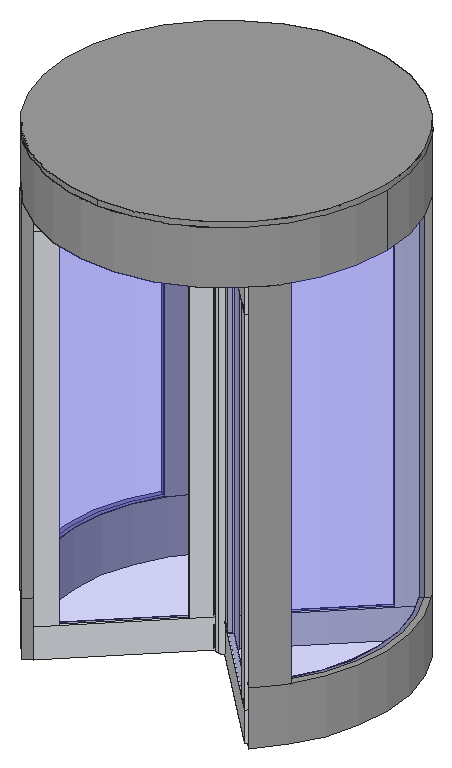
Revit family
Parameters
  WallThk = 0' - 1 7/8"
  URL = "www.dplusp.com"
  Manufacturer = "D+P JF"
  GlassMatl = Glass
  DoorMatl = Default
  CanopyMatl = Default
  WallKickPlateHeight = 0' - 11"
  RevolveDoorOuterWidth = 0' - 4"
  RevolveDoorInnerWidth = 0' - 4"
  JambAngle = 12.00°
  GlassThk = 0' - 0 3/4"
  DoorThk = 0' - 1"
  DoorKickPlate = 0' - 6"
  CenterPostRad = 0' - 2"
  CeilingThk = 0' - 1"
Reference planes (in)
  plane 1 "Front": y = 0
  plane 2: z = 0
  plane 3 "Center (Left/Right)": x = 0
  plane 4 "Left": x = -32.75106
  plane 5 "Right": x = 32.75106
  plane 6 "Top": z = 96
  plane 7: x = 30.87606
  plane 8: x = -30.87606
  plane 9: through (0, 0, 48) normal (-0.7071, 0.7071, 0)
  plane 10: through (0, 0, 48) normal (-0.7071, -0.7071, 0)
  plane 11: through (0, 0, 48) normal (0.7071, -0.7071, 0)
  plane 12: through (19.20297, -19.20297, 48) normal (0.7071, 0.7071, 0)
  plane 13 "MidPlane": z = 32.78185
  plane 14: z = 84
  plane 15: z = 11
  plane 16: z = 95
  plane 17: x = -31.62606
  plane 18: x = 31.62606
  plane 19: x = -2
  plane 20: x = 2
  plane 21: z = 6
  plane 22: z = 78
  plane 23: x = -6
  plane 24: x = 6
  plane 25: x = -26.87606
  plane 26: x = 26.87606
  plane 27: through (9.12043, 8.5901, 48) normal (-0.7071, 0.7071, 0)
  plane 28: through (8.5901, 9.12043, 48) normal (-0.7071, 0.7071, 0)
  plane 29: through (-18.60384, 18.07351, 48) normal (0.7071, 0.7071, 0)
  plane 30: through (-18.07351, 18.60384, 48) normal (0.7071, 0.7071, 0)
Forms (in)
  Extrusion 1, solid, material "Default" <- "DoorMatl"
    sketch origin (0, 0, 0) x (1, 0, 0) y (0, 1, 0)
      loop
        arc (-23.1585, 23.1585) -> (-32.75106, 0) -> (-23.1585, -23.1585) r 32.75106
        line (-23.1585, -23.1585) -> (-21.83267, -21.83267)
        arc (-21.83267, -21.83267) -> (-30.87606, 0) -> (-21.83267, 21.83267) r 30.87606
        line (-21.83267, 21.83267) -> (-23.1585, 23.1585)
    from 0 to 11
  Extrusion 2, solid, material "Default" <- "DoorMatl"
    sketch origin (0, 0, 0) x (1, 0, 0) y (0, 1, 0)
      loop
        line (23.1585, 23.1585) -> (21.83267, 21.83267)
        arc (21.83267, 21.83267) -> (30.87606, 0) -> (21.83267, -21.83267) r 30.87606
        line (21.83267, -21.83267) -> (23.1585, -23.1585)
        arc (23.1585, -23.1585) -> (32.75106, 0) -> (23.1585, 23.1585) r 32.75106
    from 0 to 11
  Extrusion 3, solid, material "Default" <- "DoorMatl"
    sketch origin (0, 0, 32.78185) x (0, 1, 0) y (-1, 0, 0)
      loop
        arc (23.1585, 23.1585) -> (20.61091, 25.45235) -> (17.83751, 27.46735) r 32.75106
        line (17.83751, 27.46735) -> (16.81631, 25.89484)
        arc (16.81631, 25.89484) -> (19.43093, 23.9952) -> (21.83267, 21.83267) r 30.87606
        line (21.83267, 21.83267) -> (23.1585, 23.1585)
    from -21.78185 to 51.21815
  Extrusion 4, solid, material "Default" <- "DoorMatl"
    sketch origin (0, 0, 32.78185) x (0, 1, 0) y (-1, 0, 0)
      loop
        arc (-17.83751, 27.46735) -> (-20.61091, 25.45235) -> (-23.1585, 23.1585) r 32.75106
        line (-23.1585, 23.1585) -> (-21.83267, 21.83267)
        arc (-21.83267, 21.83267) -> (-19.43093, 23.9952) -> (-16.81631, 25.89484) r 30.87606
        line (-16.81631, 25.89484) -> (-17.83751, 27.46735)
    from -21.78185 to 51.21815
  Extrusion 5, solid, material "Default" <- "DoorMatl"
    sketch origin (0, 0, 32.78185) x (0, 1, 0) y (-1, 0, 0)
      loop
        arc (17.83751, -27.46735) -> (20.61091, -25.45235) -> (23.1585, -23.1585) r 32.75106
        line (23.1585, -23.1585) -> (21.83267, -21.83267)
        arc (21.83267, -21.83267) -> (19.43093, -23.9952) -> (16.81631, -25.89484) r 30.87606
        line (16.81631, -25.89484) -> (17.83751, -27.46735)
    from -21.78185 to 51.21815
  Extrusion 6, solid, material "Default" <- "DoorMatl"
    sketch origin (0, 0, 32.78185) x (0, 1, 0) y (-1, 0, 0)
      loop
        arc (-16.81631, -25.89484) -> (-19.43093, -23.9952) -> (-21.83267, -21.83267) r 30.87606
        line (-21.83267, -21.83267) -> (-23.1585, -23.1585)
        arc (-23.1585, -23.1585) -> (-20.61091, -25.45235) -> (-17.83751, -27.46735) r 32.75106
        line (-17.83751, -27.46735) -> (-16.81631, -25.89484)
    from -21.78185 to 51.21815
  Extrusion 7, solid, material "Glass" <- "GlassMatl"
    sketch origin (0, 0, 32.78185) x (0, 1, 0) y (-1, 0, 0)
      loop
        arc (17.22479, 26.52384) -> (0, 31.62606) -> (-17.22479, 26.52384) r 31.62606
        line (-17.22479, 26.52384) -> (-16.81631, 25.89484)
        arc (-16.81631, 25.89484) -> (0, 30.87606) -> (16.81631, 25.89484) r 30.87606
        line (16.81631, 25.89484) -> (17.22479, 26.52384)
    from -21.78185 to 51.21815
  Extrusion 8, solid, material "Glass" <- "GlassMatl"
    sketch origin (0, 0, 32.78185) x (0, 1, 0) y (-1, 0, 0)
      loop
        line (17.22479, -26.52384) -> (16.81631, -25.89484)
        arc (16.81631, -25.89484) -> (0, -30.87606) -> (-16.81631, -25.89484) r 30.87606
        line (-16.81631, -25.89484) -> (-17.22479, -26.52384)
        arc (-17.22479, -26.52384) -> (0, -31.62606) -> (17.22479, -26.52384) r 31.62606
    from -21.78185 to 51.21815
  Extrusion 9, solid, material "Default" <- "CanopyMatl"
    sketch origin (0, 0, 32.78185) x (0, 1, 0) y (-1, 0, 0)
      loop
        circle (0, 0) r 32.75106
    from 62.21815 to 63.21815
  Extrusion 10, solid, material "Default" <- "CanopyMatl"
    sketch origin (0, 0, 32.78185) x (0, 1, 0) y (-1, 0, 0)
      loop
        line (0, -30.87606) -> (0, -32.75106)
        arc (0, -32.75106) -> (32.75106, 0) -> (0, 32.75106) r 32.75106
        line (0, 32.75106) -> (0, 30.87606)
        arc (0, 30.87606) -> (30.87606, 0) -> (0, -30.87606) r 30.87606
    from 51.21815 to 62.21815
  Extrusion 11, solid, material "Default" <- "CanopyMatl"
    sketch origin (0, 0, 32.78185) x (0, 1, 0) y (-1, 0, 0)
      loop
        arc (0, 32.75106) -> (-32.75106, 0) -> (0, -32.75106) r 32.75106
        line (0, -32.75106) -> (0, -30.87606)
        arc (0, -30.87606) -> (-30.87606, 0) -> (0, 30.87606) r 30.87606
        line (0, 30.87606) -> (0, 32.75106)
    from 51.21815 to 62.21815
  Extrusion 12, solid
    sketch origin (0, 0, 32.78185) x (0, 1, 0) y (-1, 0, 0)
      loop
        circle (0, 0) r 2
    from -32.78185 to 62.21815
  Extrusion 13, solid
    sketch origin (0, 0, 32.78185) x (0, 1, 0) y (-1, 0, 0)
      loop
        line (-1.01575, 1.72286) -> (-21.47625, 22.18336)
        arc (-21.47625, 22.18336) -> (-21.83267, 21.83267) -> (-22.18336, 21.47625) r 30.87606
        line (-22.18336, 21.47625) -> (-1.72286, 1.01575)
        arc (-1.72286, 1.01575) -> (-1.41421, 1.41421) -> (-1.01575, 1.72286) r 2
    from -32.78185 to -26.78185
  Extrusion 14, solid
    sketch origin (0, 0, 32.78185) x (0, 1, 0) y (-1, 0, 0)
      loop
        arc (21.47625, -22.18336) -> (21.83267, -21.83267) -> (22.18336, -21.47625) r 30.87606
        line (22.18336, -21.47625) -> (1.72286, -1.01575)
        arc (1.72286, -1.01575) -> (1.41421, -1.41421) -> (1.01575, -1.72286) r 2
        line (1.01575, -1.72286) -> (21.47625, -22.18336)
    from -32.78185 to -26.78185
  Extrusion 15, solid
    sketch origin (0, 0, 32.78185) x (0, 1, 0) y (-1, 0, 0)
      loop
        arc (22.18336, 21.47625) -> (21.83267, 21.83267) -> (21.47625, 22.18336) r 30.87606
        line (21.47625, 22.18336) -> (1.01575, 1.72286)
        arc (1.01575, 1.72286) -> (1.41421, 1.41421) -> (1.72286, 1.01575) r 2
        line (1.72286, 1.01575) -> (22.18336, 21.47625)
    from -32.78185 to -26.78185
  Extrusion 16, solid
    sketch origin (0, 0, 32.78185) x (0, 1, 0) y (-1, 0, 0)
      loop
        line (-1.72286, -1.01575) -> (-22.18336, -21.47625)
        arc (-22.18336, -21.47625) -> (-21.83267, -21.83267) -> (-21.47625, -22.18336) r 30.87606
        line (-21.47625, -22.18336) -> (-1.01575, -1.72286)
        arc (-1.01575, -1.72286) -> (-1.41421, -1.41421) -> (-1.72286, -1.01575) r 2
    from -32.78185 to -26.78185
  Extrusion 17, solid
    sketch origin (0, 0, 32.78185) x (0, 1, 0) y (-1, 0, 0)
      loop
        line (1.72286, 1.01575) -> (22.18336, 21.47625)
        arc (22.18336, 21.47625) -> (21.83267, 21.83267) -> (21.47625, 22.18336) r 30.87606
        line (21.47625, 22.18336) -> (1.01575, 1.72286)
        arc (1.01575, 1.72286) -> (1.41421, 1.41421) -> (1.72286, 1.01575) r 2
    from 45.21815 to 62.21815
  Extrusion 18, solid
    sketch origin (0, 0, 32.78185) x (0, 1, 0) y (-1, 0, 0)
      loop
        line (-22.18336, 21.47625) -> (-1.93185, 1.22474)
        arc (-1.93185, 1.22474) -> (-1.61741, 1.61741) -> (-1.22474, 1.93185) r 2.28737
        line (-1.22474, 1.93185) -> (-21.47625, 22.18336)
        arc (-21.47625, 22.18336) -> (-21.83267, 21.83267) -> (-22.18336, 21.47625) r 30.87606
    from 45.21815 to 62.21815
  Extrusion 19, solid
    sketch origin (0, 0, 32.78185) x (0, 1, 0) y (-1, 0, 0)
      loop
        line (22.18336, -21.47625) -> (1.72286, -1.01575)
        arc (1.72286, -1.01575) -> (1.41421, -1.41421) -> (1.01575, -1.72286) r 2
        line (1.01575, -1.72286) -> (21.47625, -22.18336)
        arc (21.47625, -22.18336) -> (21.83267, -21.83267) -> (22.18336, -21.47625) r 30.87606
    from 45.21815 to 62.21815
  Extrusion 20, solid
    sketch origin (0, 0, 32.78185) x (0, 1, 0) y (-1, 0, 0)
      loop
        line (-1.72286, -1.01575) -> (-22.18336, -21.47625)
        arc (-22.18336, -21.47625) -> (-21.83267, -21.83267) -> (-21.47625, -22.18336) r 30.87606
        line (-21.47625, -22.18336) -> (-1.01575, -1.72286)
        arc (-1.01575, -1.72286) -> (-1.41421, -1.41421) -> (-1.72286, -1.01575) r 2
    from 45.21815 to 62.21815
  Extrusion 21, solid
    sketch origin (0, 0, 32.78185) x (0, 1, 0) y (-1, 0, 0)
      loop
        line (4.58144, -3.87433) -> (1.72286, -1.01575)
        arc (1.72286, -1.01575) -> (1.41421, -1.41421) -> (1.01575, -1.72286) r 2
        line (1.01575, -1.72286) -> (3.87433, -4.58144)
        arc (3.87433, -4.58144) -> (4.24264, -4.24264) -> (4.58144, -3.87433) r 6
    from -26.78185 to 45.21815
  Extrusion 22, solid
    sketch origin (0, 0, 32.78185) x (0, 1, 0) y (-1, 0, 0)
      loop
        line (3.87433, 4.58144) -> (1.01575, 1.72286)
        arc (1.01575, 1.72286) -> (1.41421, 1.41421) -> (1.72286, 1.01575) r 2
        line (1.72286, 1.01575) -> (4.58144, 3.87433)
        arc (4.58144, 3.87433) -> (4.24264, 4.24264) -> (3.87433, 4.58144) r 6
    from -26.78185 to 45.21815
  Extrusion 23, solid
    sketch origin (0, 0, 32.78185) x (0, 1, 0) y (-1, 0, 0)
      loop
        line (-4.58144, 3.87433) -> (-1.72286, 1.01575)
        arc (-1.72286, 1.01575) -> (-1.41421, 1.41421) -> (-1.01575, 1.72286) r 2
        line (-1.01575, 1.72286) -> (-3.87433, 4.58144)
        arc (-3.87433, 4.58144) -> (-4.24264, 4.24264) -> (-4.58144, 3.87433) r 6
    from -26.78185 to 45.21815
  Extrusion 24, solid
    sketch origin (0, 0, 32.78185) x (0, 1, 0) y (-1, 0, 0)
      loop
        line (-1.72286, -1.01575) -> (-4.58144, -3.87433)
        arc (-4.58144, -3.87433) -> (-4.24264, -4.24264) -> (-3.87433, -4.58144) r 6
        line (-3.87433, -4.58144) -> (-1.01575, -1.72286)
        arc (-1.01575, -1.72286) -> (-1.41421, -1.41421) -> (-1.72286, -1.01575) r 2
    from -26.78185 to 45.21815
  Extrusion 25, solid
    sketch origin (0, 0, 32.78185) x (0, 1, 0) y (-1, 0, 0)
      loop
        line (19.35451, 18.6474) -> (22.18336, 21.47625)
        arc (22.18336, 21.47625) -> (21.83267, 21.83267) -> (21.47625, 22.18336) r 30.87606
        line (21.47625, 22.18336) -> (18.6474, 19.35451)
        arc (18.6474, 19.35451) -> (19.00424, 19.00424) -> (19.35451, 18.6474) r 26.87606
    from -26.78185 to 45.21815
  Extrusion 26, solid
    sketch origin (0, 0, 32.78185) x (0, 1, 0) y (-1, 0, 0)
      loop
        line (-18.6474, 19.35451) -> (-21.47625, 22.18336)
        arc (-21.47625, 22.18336) -> (-21.83267, 21.83267) -> (-22.18336, 21.47625) r 30.87606
        line (-22.18336, 21.47625) -> (-19.35451, 18.6474)
        arc (-19.35451, 18.6474) -> (-19.00424, 19.00424) -> (-18.6474, 19.35451) r 26.87606
    from -26.78185 to 45.21815
  Extrusion 27, solid
    sketch origin (0, 0, 32.78185) x (0, 1, 0) y (-1, 0, 0)
      loop
        line (-19.35451, -18.6474) -> (-22.18336, -21.47625)
        arc (-22.18336, -21.47625) -> (-21.83267, -21.83267) -> (-21.47625, -22.18336) r 30.87606
        line (-21.47625, -22.18336) -> (-18.6474, -19.35451)
        arc (-18.6474, -19.35451) -> (-19.00424, -19.00424) -> (-19.35451, -18.6474) r 26.87606
    from -26.78185 to 45.21815
  Extrusion 28, solid
    sketch origin (0, 0, 32.78185) x (0, 1, 0) y (-1, 0, 0)
      loop
        line (18.6474, -19.35451) -> (21.47625, -22.18336)
        arc (21.47625, -22.18336) -> (21.83267, -21.83267) -> (22.18336, -21.47625) r 30.87606
        line (22.18336, -21.47625) -> (19.35451, -18.6474)
        arc (19.35451, -18.6474) -> (19.00424, -19.00424) -> (18.6474, -19.35451) r 26.87606
    from -26.78185 to 45.21815
  Extrusion 29, solid, material "Glass" <- "GlassMatl"
    sketch origin (0, 0, 32.78185) x (0, 1, 0) y (-1, 0, 0)
      loop
        line (19.26756, -18.73723) -> (4.49951, -3.96918)
        arc (4.49951, -3.96918) -> (4.24264, -4.24264) -> (3.96918, -4.49951) r 6
        line (3.96918, -4.49951) -> (18.73723, -19.26756)
        arc (18.73723, -19.26756) -> (19.00424, -19.00424) -> (19.26756, -18.73723) r 26.87606
    from -26.78185 to 45.21815
  Extrusion 30, solid, material "Glass" <- "GlassMatl"
    sketch origin (0, 0, 32.78185) x (0, 1, 0) y (-1, 0, 0)
      loop
        line (4.49951, 3.96918) -> (19.26756, 18.73723)
        arc (19.26756, 18.73723) -> (19.00424, 19.00424) -> (18.73723, 19.26756) r 26.87606
        line (18.73723, 19.26756) -> (3.96918, 4.49951)
        arc (3.96918, 4.49951) -> (4.24264, 4.24264) -> (4.49951, 3.96918) r 6
    from -26.78185 to 45.21815
  Extrusion 31, solid, material "Glass" <- "GlassMatl"
    sketch origin (0, 0, 32.78185) x (0, 1, 0) y (-1, 0, 0)
      loop
        line (-19.26756, 18.73723) -> (-4.49951, 3.96918)
        arc (-4.49951, 3.96918) -> (-4.24264, 4.24264) -> (-3.96918, 4.49951) r 6
        line (-3.96918, 4.49951) -> (-18.73723, 19.26756)
        arc (-18.73723, 19.26756) -> (-19.00424, 19.00424) -> (-19.26756, 18.73723) r 26.87606
    from -26.78185 to 45.21815
  Extrusion 32, solid, material "Glass" <- "GlassMatl"
    sketch origin (0, 0, 32.78185) x (0, 1, 0) y (-1, 0, 0)
      loop
        line (-18.73723, -19.26756) -> (-3.96918, -4.49951)
        arc (-3.96918, -4.49951) -> (-4.24264, -4.24264) -> (-4.49951, -3.96918) r 6
        line (-4.49951, -3.96918) -> (-19.26756, -18.73723)
        arc (-19.26756, -18.73723) -> (-19.00424, -19.00424) -> (-18.73723, -19.26756) r 26.87606
    from -26.78185 to 45.21815
Lines and regions (in)
  reference lines
    curve 1: arc (-32.75106, 0, 0) -> (-30.25803, -12.53329, 0) -> (-23.1585, -23.1585, 0) r 32.75106
    curve 2: arc (-32.75106, 0, 0) -> (-30.25803, 12.53329, 0) -> (-23.1585, 23.1585, 0) r 32.75106
    curve 3: arc (-30.87606, 0, 0) -> (-28.52576, -11.81576, 0) -> (-21.83267, -21.83267, 0) r 30.87606
    curve 4: arc (-30.87606, 0, 0) -> (-28.52576, 11.81576, 0) -> (-21.83267, 21.83267, 0) r 30.87606
    curve 5: arc (32.75106, 0, 0) -> (30.25803, 12.53329, 0) -> (23.1585, 23.1585, 0) r 32.75106
    curve 6: arc (32.75106, 0, 0) -> (30.25803, -12.53329, 0) -> (23.1585, -23.1585, 0) r 32.75106
    curve 7: arc (30.87606, 0, 0) -> (28.52576, 11.81576, 0) -> (21.83267, 21.83267, 0) r 30.87606
    curve 8: arc (30.87606, 0, 0) -> (28.52576, -11.81576, 0) -> (21.83267, -21.83267, 0) r 30.87606
    curve 9: line (0, 0, 0) -> (-38.57885, 25.0534, 0)
    curve 10: line (0, 0, 0) -> (-36.9015, -23.96412, 0)
    curve 11: line (0, 0, 0) -> (38.57885, 25.0534, 0)
    curve 12: line (0, 0, 0) -> (48.64289, -31.58906, 0)
    curve 13: arc (-31.62606, 0, 32.78185) -> (0, 31.62606, 32.78185) -> (31.62606, 0, 32.78185) r 31.62606
    curve 14: arc (-31.62606, 0, 32.78185) -> (0, -31.62606, 32.78185) -> (31.62606, 0, 32.78185) r 31.62606
    curve 15: arc (2, 0, 32.78185) -> (0, 2, 32.78185) -> (-2, 0, 32.78185) r 2
    curve 16: arc (-2, 0, 32.78185) -> (0, -2, 32.78185) -> (2, 0, 32.78185) r 2
    curve 17: line (-22.18336, -21.47625, 32.78185) -> (21.47625, 22.18336, 32.78185)
    curve 18: line (-21.47625, -22.18336, 32.78185) -> (22.18336, 21.47625, 32.78185)
    curve 19: line (22.18336, 21.47625, 32.78185) -> (21.47625, 22.18336, 32.78185)
    curve 20: arc (-30.87606, 0, 32.78185) -> (0, -30.87606, 32.78185) -> (30.87606, 0, 32.78185) r 30.87606
    curve 21: arc (30.87606, 0, 32.78185) -> (0, 30.87606, 32.78185) -> (-30.87606, 0, 32.78185) r 30.87606
    curve 22: line (-25.01715, 24.31005, 32.78185) -> (32.75106, -33.45817, 32.78185)
    curve 23: line (-23.09286, 23.79996, 32.78185) -> (27.94015, -27.23305, 32.78185)
    curve 24: arc (-6, 0, 32.78185) -> (0, 6, 32.78185) -> (6, 0, 32.78185) r 6
    curve 25: arc (-6, 0, 32.78185) -> (0, -6, 32.78185) -> (6, 0, 32.78185) r 6
    curve 26: arc (-26.87606, 0, 32.78185) -> (0, 26.87606, 32.78185) -> (26.87606, 0, 32.78185) r 26.87606
    curve 27: arc (-26.87606, 0, 32.78185) -> (0, -26.87606, 32.78185) -> (26.87606, 0, 32.78185) r 26.87606
Text (in)
  text "Exterior" at (-54.29358, 31.38743, 0), in view "Ref. Level"
  text "Exterior" at (480, 41.53993, 89.60405), in view "Right"
  text "Exterior" at (-240, 57.82419, 105.78864), in view "Left"
Dimensions and locks (in)
  equal spacing: plane 4 "Left", plane 3 "Center (Left/Right)", plane 5 "Right"
  "WallThk": plane 4 "Left" to plane 8
  "WallThk": plane 7 to plane 5 "Right"
  "WallKickPlateHeight": level to plane 15
  "CeilingThk": plane 16 to plane 6 "Top"
  "WallKickPlateHeight": plane 14 to plane 16
  "GlassThk": plane 17 to plane 8
  "GlassThk": plane 7 to plane 18
  "CenterPostRad": plane 19 to plane 3 "Center (Left/Right)"
  "CenterPostRad": plane 3 "Center (Left/Right)" to plane 20
  equal spacing: curve 18, plane 9, curve 17
  "DoorThk": curve 18 to curve 17
  equal spacing: curve 22, plane 12, curve 23
  "DoorThk": curve 22 to curve 23
  "DoorKickPlate": level to plane 21
  "DoorKickPlate": plane 22 to plane 14
  "RevolveDoorInnerWidth": plane 23 to plane 19
  "RevolveDoorInnerWidth": plane 20 to plane 24
  "RevolveDoorOuterWidth": plane 8 to plane 25
  "RevolveDoorOuterWidth": plane 26 to plane 7
  equal spacing: plane 28, plane 9, plane 27
  "GlassThk": plane 28 to plane 27
  equal spacing: plane 30, plane 10, plane 29
  "GlassThk": plane 30 to plane 29
  locked: plane 10 to plane 1 "Front" (angle 45.00°)
  locked: plane 1 "Front" to plane 9 (angle 45.00°)
  locked: plane 12 to plane 1 "Front" (angle 45.00°)
  locked: plane 1 "Front" to plane 11 (angle 45.00°)
  "JambAngle": angle plane 10 to curve 9
  "JambAngle": angle curve 10 to plane 11
  "JambAngle": angle plane 12 to curve 12
  "JambAngle": angle curve 11 to plane 9
  aligned and locked: plane 1 "Front" to curve 1
  aligned and locked: plane 11 to curve 1
  aligned and locked: plane 10 to curve 2
  aligned and locked: plane 8 to curve 3
  aligned and locked: Extrusion 1 sketch curve to plane 10
  aligned and locked: Extrusion 1 sketch curve to plane 11
  aligned and locked: Extrusion 1 sketch curve to curve 3
  aligned and locked: Extrusion 1 sketch curve to curve 1
  aligned and locked: plane 9 to curve 5
  aligned and locked: plane 12 to curve 6
  aligned and locked: plane 9 to curve 7
  aligned and locked: plane 12 to curve 8
  aligned and locked: plane 9 to Extrusion 2 sketch curve
  aligned and locked: Extrusion 2 sketch curve to curve 5
  aligned and locked: Extrusion 2 sketch curve to curve 7
  aligned and locked: Extrusion 2 sketch curve to plane 12
  aligned and locked: Extrusion 3 sketch curve to plane 10
  aligned and locked: Extrusion 3 sketch curve to curve 9
  aligned and locked: Extrusion 3 sketch curve to curve 2
  aligned and locked: Extrusion 3 sketch curve to curve 4
  aligned and locked: plane 15 to Extrusion 2
  aligned and locked: plane 15 to Extrusion 1
  aligned and locked: Extrusion 3 to plane 15
  aligned and locked: plane 14 to Extrusion 3
  aligned and locked: curve 10 to Extrusion 4 sketch curve
  aligned and locked: plane 11 to Extrusion 4 sketch curve
  aligned and locked: Extrusion 4 sketch curve to curve 3
  aligned and locked: Extrusion 4 sketch curve to curve 1
  aligned and locked: Extrusion 4 to plane 15
  aligned and locked: plane 14 to Extrusion 4
  aligned and locked: plane 9 to Extrusion 5 sketch curve
  aligned and locked: curve 11 to Extrusion 5 sketch curve
  aligned and locked: Extrusion 5 sketch curve to curve 5
  aligned and locked: Extrusion 5 sketch curve to curve 7
  aligned and locked: Extrusion 6 sketch curve to plane 12
  aligned and locked: Extrusion 6 sketch curve to curve 12
  aligned and locked: Extrusion 6 sketch curve to curve 8
  aligned and locked: Extrusion 6 sketch curve to curve 6
  aligned and locked: plane 14 to Extrusion 5
  aligned and locked: plane 14 to Extrusion 6
  aligned and locked: Extrusion 5 to plane 15
  aligned and locked: Extrusion 6 to plane 15
  aligned and locked: plane 17 to curve 13
  aligned and locked: curve 9 to Extrusion 7 sketch curve
  aligned and locked: Extrusion 7 sketch curve to curve 4
  aligned and locked: Extrusion 7 sketch curve to curve 13
  aligned and locked: Extrusion 7 sketch curve to curve 10
  aligned and locked: plane 14 to Extrusion 7
  aligned and locked: Extrusion 7 to plane 15
  aligned and locked: Extrusion 8 sketch curve to curve 11
  aligned and locked: Extrusion 8 sketch curve to curve 7
  aligned and locked: Extrusion 8 sketch curve to curve 13
  aligned and locked: curve 12 to Extrusion 8 sketch curve
  aligned and locked: plane 14 to Extrusion 8
  aligned and locked: Extrusion 8 to plane 15
  aligned and locked: Extrusion 9 sketch curve to curve 5
  aligned and locked: Extrusion 9 to plane 6 "Top"
  aligned and locked: Extrusion 9 to plane 16
  aligned and locked: Extrusion 10 sketch curve to curve 7
  aligned and locked: Extrusion 10 sketch curve to curve 5
  aligned and locked: Extrusion 10 sketch curve to plane 1 "Front"  (x2)
  aligned and locked: Extrusion 11 sketch curve to plane 1 "Front"  (x2)
  aligned and locked: Extrusion 11 sketch curve to curve 3
  aligned and locked: Extrusion 11 sketch curve to curve 1
  aligned and locked: plane 16 to Extrusion 10
  aligned and locked: Extrusion 10 to plane 14
  aligned and locked: plane 16 to Extrusion 11
  aligned and locked: Extrusion 11 to plane 14
  aligned and locked: Extrusion 12 sketch curve to curve 15
  aligned and locked: plane 16 to Extrusion 12
  aligned and locked: Extrusion 12 to level
  aligned and locked: Extrusion 13 sketch curve to curve 18
  aligned and locked: Extrusion 13 sketch curve to curve 17
  aligned and locked: Extrusion 13 sketch curve to curve 20
  aligned and locked: Extrusion 14 sketch curve to curve 17
  aligned and locked: curve 18 to Extrusion 14 sketch curve
  aligned and locked: Extrusion 14 sketch curve to curve 21
  aligned and locked: Extrusion 15 sketch curve to curve 23
  aligned and locked: curve 22 to Extrusion 15 sketch curve
  aligned and locked: Extrusion 15 sketch curve to curve 21
  aligned and locked: curve 22 to Extrusion 16 sketch curve
  aligned and locked: Extrusion 16 sketch curve to curve 23
  aligned and locked: Extrusion 16 sketch curve to curve 20
  aligned and locked: Extrusion 15 to level
  aligned and locked: Extrusion 14 to level
  aligned and locked: plane 21 to Extrusion 15
  aligned and locked: plane 21 to Extrusion 14
  aligned and locked: Extrusion 13 to level
  aligned and locked: Extrusion 16 to level
  aligned and locked: plane 21 to Extrusion 13
  aligned and locked: plane 21 to Extrusion 16
  aligned and locked: Extrusion 17 sketch curve to curve 23
  aligned and locked: curve 22 to Extrusion 17 sketch curve
  aligned and locked: Extrusion 17 sketch curve to curve 21
  aligned and locked: Extrusion 18 sketch curve to curve 18
  aligned and locked: Extrusion 18 sketch curve to curve 17
  aligned and locked: Extrusion 18 sketch curve to curve 20
  aligned and locked: Extrusion 13 sketch curve to curve 16
  aligned and locked: Extrusion 16 sketch curve to curve 16
  aligned and locked: Extrusion 14 sketch curve to curve 15
  aligned and locked: Extrusion 17 sketch curve to curve 15
  aligned and locked: Extrusion 15 sketch curve to curve 15
  aligned and locked: Extrusion 19 sketch curve to curve 17
  aligned and locked: curve 18 to Extrusion 19 sketch curve
  aligned and locked: Extrusion 19 sketch curve to curve 21
  aligned and locked: Extrusion 19 sketch curve to curve 15
  aligned and locked: curve 22 to Extrusion 20 sketch curve
  aligned and locked: Extrusion 20 sketch curve to curve 23
  aligned and locked: Extrusion 20 sketch curve to curve 16
  aligned and locked: Extrusion 20 sketch curve to curve 20
  aligned and locked: plane 16 to Extrusion 17
  aligned and locked: plane 16 to Extrusion 18
  aligned and locked: plane 16 to Extrusion 19
  aligned and locked: plane 16 to Extrusion 20
  aligned and locked: Extrusion 17 to plane 22
  aligned and locked: Extrusion 18 to plane 22
  aligned and locked: Extrusion 19 to plane 22
  aligned and locked: Extrusion 20 to plane 22
  aligned and locked: plane 23 to curve 24
  aligned and locked: plane 25 to curve 26
  aligned and locked: Extrusion 21 sketch curve to curve 17
  aligned and locked: curve 18 to Extrusion 21 sketch curve
  aligned and locked: Extrusion 21 sketch curve to curve 24
  aligned and locked: Extrusion 21 sketch curve to curve 15
  aligned and locked: plane 22 to Extrusion 21
  aligned and locked: Extrusion 21 to plane 21
  aligned and locked: Extrusion 22 sketch curve to curve 23
  aligned and locked: curve 22 to Extrusion 22 sketch curve
  aligned and locked: Extrusion 22 sketch curve to curve 24
  aligned and locked: Extrusion 22 sketch curve to curve 15
  aligned and locked: plane 22 to Extrusion 22
  aligned and locked: Extrusion 22 to plane 21
  aligned and locked: curve 18 to Extrusion 23 sketch curve
  aligned and locked: Extrusion 23 sketch curve to curve 17
  aligned and locked: Extrusion 23 sketch curve to curve 25
  aligned and locked: Extrusion 23 sketch curve to curve 16
  aligned and locked: plane 22 to Extrusion 23
  aligned and locked: Extrusion 23 to plane 21
  aligned and locked: curve 22 to Extrusion 24 sketch curve
  aligned and locked: Extrusion 24 sketch curve to curve 23
  aligned and locked: Extrusion 24 sketch curve to curve 25
  aligned and locked: Extrusion 24 sketch curve to curve 16
  aligned and locked: plane 22 to Extrusion 24
  aligned and locked: Extrusion 24 to plane 21
  aligned and locked: Extrusion 25 sketch curve to curve 23
  aligned and locked: curve 22 to Extrusion 25 sketch curve
  aligned and locked: Extrusion 25 sketch curve to curve 26
  aligned and locked: Extrusion 25 sketch curve to curve 21
  aligned and locked: Extrusion 26 sketch curve to curve 27
  aligned and locked: Extrusion 26 sketch curve to curve 18
  aligned and locked: Extrusion 26 sketch curve to curve 17
  aligned and locked: Extrusion 26 sketch curve to curve 20
  aligned and locked: curve 22 to Extrusion 27 sketch curve
  aligned and locked: Extrusion 27 sketch curve to curve 23
  aligned and locked: Extrusion 27 sketch curve to curve 27
  aligned and locked: Extrusion 27 sketch curve to curve 20
  aligned and locked: curve 18 to Extrusion 28 sketch curve
  aligned and locked: Extrusion 28 sketch curve to curve 17
  aligned and locked: Extrusion 28 sketch curve to curve 26
  aligned and locked: Extrusion 28 sketch curve to curve 21
  aligned and locked: plane 22 to Extrusion 25
  aligned and locked: plane 22 to Extrusion 26
  aligned and locked: plane 22 to Extrusion 28
  aligned and locked: plane 22 to Extrusion 27
  aligned and locked: Extrusion 25 to plane 21
  aligned and locked: Extrusion 26 to plane 21
  aligned and locked: Extrusion 28 to plane 21
  aligned and locked: Extrusion 27 to plane 21
  aligned and locked: Extrusion 29 sketch curve to curve 26
  aligned and locked: plane 28 to Extrusion 29 sketch curve
  aligned and locked: Extrusion 29 sketch curve to plane 27
  aligned and locked: Extrusion 29 sketch curve to curve 24
  aligned and locked: plane 22 to Extrusion 29
  aligned and locked: Extrusion 29 to plane 21
  aligned and locked: plane 30 to Extrusion 30 sketch curve
  aligned and locked: Extrusion 30 sketch curve to plane 29
  aligned and locked: Extrusion 30 sketch curve to curve 24
  aligned and locked: Extrusion 30 sketch curve to curve 26
  aligned and locked: plane 22 to Extrusion 30
  aligned and locked: Extrusion 30 to plane 21
  aligned and locked: plane 28 to Extrusion 31 sketch curve
  aligned and locked: Extrusion 31 sketch curve to plane 27
  aligned and locked: Extrusion 31 sketch curve to curve 27
  aligned and locked: Extrusion 31 sketch curve to curve 25
  aligned and locked: plane 30 to Extrusion 32 sketch curve
  aligned and locked: Extrusion 32 sketch curve to plane 29
  aligned and locked: Extrusion 32 sketch curve to curve 27
  aligned and locked: Extrusion 32 sketch curve to curve 25
  aligned and locked: plane 22 to Extrusion 31
  aligned and locked: plane 22 to Extrusion 32
  aligned and locked: Extrusion 31 to plane 21
  aligned and locked: Extrusion 32 to plane 21
Automatic sketch dimensions
  curve 1 to curve 3 = 0' - 0"  (x2)
  curve 1 to curve 5 = 0' - 0"
  curve 1 to curve 7 = 0' - 0"  (x2)
  curve 2 to curve 3 = 0' - 0"
  curve 2 to curve 5 = 0' - 0"
  curve 3 to curve 6 = 0' - 0"
  curve 4 to curve 5 = 0' - 0"
  curve 7 to curve 8 = 0' - 0"
  curve 2 to plane 4 "Left" = 0' - 0"
  curve 4 to plane 10 = 0' - 0"
  curve 3 to plane 9 = 0' - 0"
  curve 2 to plane 3 "Center (Left/Right)" = 0' - 0"
  curve 11 to plane 3 "Center (Left/Right)" = 0' - 0"
  curve 8 to plane 7 = 0' - 0"
  curve 5 to plane 5 "Right" = 0' - 0"
  curve 11 to plane 1 "Front" = 0' - 0"
  Extrusion 18 sketch curve to plane 19 = 0' - 0.06815"
  Extrusion 18 sketch curve to Extrusion 18 sketch curve = 0' - 0"  (x2)
  curve 13 to curve 15 = 0' - 0"
  curve 13 to curve 27 = 0' - 0"  (x2)
  curve 14 to curve 16 = 0' - 0"
  curve 16 to curve 20 = 0' - 0"
  curve 16 to curve 21 = 0' - 0"
  curve 24 to curve 26 = 0' - 0"
  curve 25 to curve 26 = 0' - 0"
  curve 22 to plane 5 "Right" = 0' - 0"
  curve 21 to plane 7 = 0' - 0"
  curve 27 to plane 26 = 0' - 0"
  curve 16 to plane 20 = 0' - 0"
  curve 23 to plane 26 = 0' - 1.06409"
  curve 23 to plane 25 = 0' - 3.7832"
  curve 22 to plane 25 = 0' - 1.85891"
